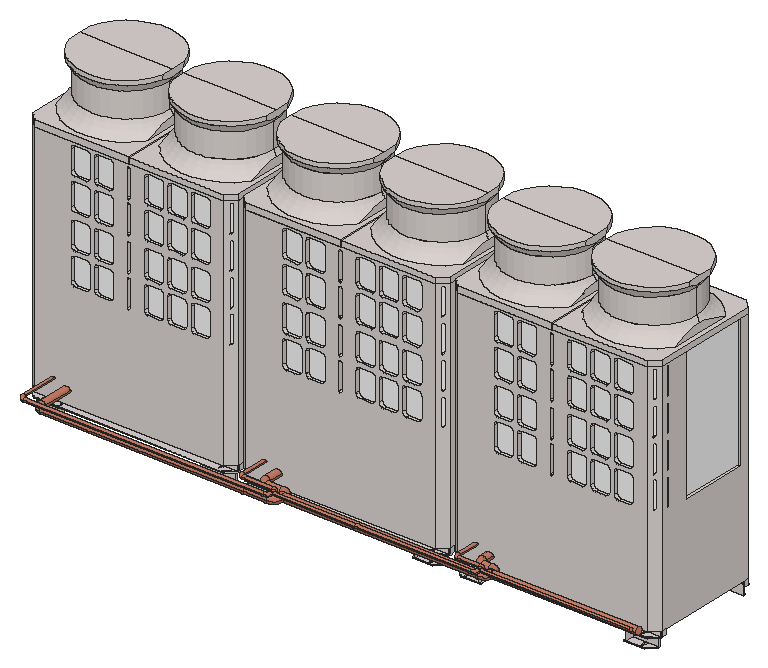
Revit family "PUHY-EP1200YSNW-A1", category 機械設備, Revit 2016
Family settings
  パーツ タイプ = 標準
  丸型コネクタ寸法 = 半径を使用
  OmniClass 番号 = 23.75.00.00
  OmniClass タイトル = Climate Control (HVAC)
  作業面に基づく = いいえ
  常に垂直 = はい
  ロード時にボイドで切り取り = いいえ
  共有 = いいえ
  部屋の計算ポイント = いいえ
Parameters (values of type "PUHY-EP1200YSNW-A1_415V_60Hz")
  Temp. range of cooling (Outdoor temp.) (D.B.) = "-5.0 to 52.0"
  Temp. range of cooling (Indoor temp.) (W.B.) = "15.0 to 24.0"
  Sound Pressure Level (dB(A)) Heating mode = 70.5
  Sound Pressure Level (dB(A)) Cooling mode = 70
  モデル = "PUHY-EP1200YSNW-A1"
  Width = 3780.000 mm
  WarrantyStart = ""
  Voltage = 415 V
  Unit Weight (kg) = 909
  URL = "http://www.mitsubishielectric.com/"
  Temp. range of heating (Outdoor temp.) (W.B.) = "-20.0 to 15.5"
  Temp. range of heating (Indoor temp.) (D.B.) = "15.0 to 27.0"
  TagNumber = 0
  Subcategory = "HVAC"
  Space View = yes
  SerialNumber = 0
  ReplacementYear = ""
  Refrigerant type = "R410A"
  Refrigerant Charge (kg) = 32.4
  Protection Devices_Inverter circuit (COMP./FAN) = "Over-current protection"
  Protection Devices_High pressure (MPa) = "High pressure sensor, High pressure switch at 4.15"
  Phase = 3
  製造元 = "Mitsubishi Electric Corporation"
  Outdoor unit 3 Breaker size (A) = 60
  Outdoor unit 3 = PUHY-EP400YNW-A1 : PUHY-EP400YNW-A1
  Outdoor unit 2 Breaker size (A) = 60
  Outdoor unit 2 = PUHY-EP400YNW-A1 : PUHY-EP400YNW-A1
  Outdoor unit 1 Breaker size (A) = 60
  Outdoor unit 1 = PUHY-EP400YNW-A1 : PUHY-EP400YNW-A1
  Note_1 = "Refrigerant pipe diameters may change depending on the installation condition. Please refer to the installation manual."
  Maximum Circuit Ampacity (A) = 84.6
  Liquid pipe_radius = 9.525 mm
  InstallationDate = ""
  Indoor Unit Total Capacity = "50 to 130% of outdoor unit capacity"
  Indoor Unit Model/Quantity = "P10 to P250/3 to 50"
  Hertz = 60 Hz
  Height = 1858.000 mm
  Heating SCOP (kW/kW) = 4.15
  Heating Rated Load Ampacity (A) = 56.9
  Heating Power Input (kW) = 36.85
  Heating Power Input (Nominal) (kW) = 31.26
  Heating Current Input (Nominal) (A) = 48.3
  Heating Current Input (A) = 56.9
  Heating Capacity (kW) = 150
  Heating Capacity (Nominal) (kW) = 136
  Heating COP (kW/kW) = 4.07
  Heating COP (Nominal) (kW/kW) = 4.35
  Gas pipe_radius = 20.640 mm
  Fan_Type = "Propeller Fan"
  Fan_Quantity = 6
  Fan Motor Output (kW) = 2.76
  External static pressure (Pa) = 0
  External Finish = "Pre-coated galvanized steel sheets (+powder coating for -BS type) <MUNSELL 3Y 7.8/1.1 or similar>"
  Equip_description = ""
  Equip_No. = 0
  Equip_ID = ""
  Description = ""
  Depth = 740.000 mm
  CreatedOn = ""
  CreatedBy = ""
  Cooling SEER (kW/kW) = 6.87
  Cooling Rated Load Ampacity (A) = 59.7
  Cooling Power Input (kW) = 38.63
  Cooling EER (kW/kW) = 3.52
  Cooling Current Input (A) = 59.7
  Cooling Capacity (kW) = 136
  Compressor_Type = "Inverter scroll hermetic compressor"
  Compressor_Quantity = 3
  Compressor_Lubricant = "MEL32"
  Compressor Motor Output (kW) = 29.4
  Category = ""
  Barcode = ""
  AssetIdentifier = ""
  Airflow Rate (m3/min) = 810
  Airflow Rate (m3/h) = 48600
Reference planes
  plane 1 "Center (Front/Back)": y = 0
  plane 2: z = 0
  plane 3 "Center (Left/Right)": x = 0
  plane 4: y = 370
  plane 5 "front": y = -370
  plane 6: x = -1890
  plane 7: x = 1890
  plane 8: x = -620
  plane 9: x = 620
  plane 10: x = -650
  plane 11: x = 650
  plane 12: y = 370
  plane 13: y = -370
  plane 14: z = 1858
  plane 15: x = -1647
  plane 16: x = -1730.603
  plane 17: x = -377
  plane 18: x = -460
  plane 19: x = 893
  plane 20: x = 810
Forms (mm)
  Sweep 1, solid, material "Copper"
    path origin (-51.563, 17.925, 207.255) x (0, -1, 0) y (1, 0, 0)
      loop
        line (380, -1679.039) -> (605, -1679.039)
        arc (605, -1679.039) -> (626.213, -1670.253) -> (635, -1649.039) r 30
        line (635, -1649.039) -> (635, -208.337)
        arc (635, -208.337) -> (629.142, -194.195) -> (615, -188.337) r 20
        line (615, -188.337) -> (590, -188.337)
        arc (590, -188.337) -> (575.858, -194.195) -> (570, -208.337) r 20
        line (570, -208.337) -> (570, -388.437)
        arc (570, -388.437) -> (564.142, -402.579) -> (550, -408.437) r 20
        line (550, -408.437) -> (380, -408.437)
    profile origin (-1730.603, -474.575, 207.255) x (1, 0, 0) y (0, 0, 1)
      loop
        circle (0, 0) r 9.525
  Sweep 2, solid, material "Copper"
    path origin (-48.859, 17.925, 173.255) x (-1, 0, 0) y (0, -1, 0)
      loop
        line (1598.141, 380) -> (1598.141, 575)
        arc (1598.141, 575) -> (1587.889, 599.749) -> (1563.141, 610) r 35
        line (1563.141, 610) -> (342, 610) -> (204.723, 610)
        arc (204.723, 610) -> (179.974, 599.749) -> (169.723, 575) r 35
        line (169.723, 575) -> (169.723, 545)
        arc (169.723, 545) -> (179.974, 520.251) -> (204.723, 510) r 35
        line (204.723, 510) -> (293.141, 510)
        arc (293.141, 510) -> (317.889, 499.749) -> (328.141, 475) r 35
        line (328.141, 475) -> (328.141, 380)
    profile origin (-1647, -459.575, 173.255) x (1, 0, 0) y (0, 0, 1)
      loop
        circle (0, 0) r 20.64
  Sweep 3, solid, material "Copper"
    path origin (214.685, 17.925, 207.255) x (0, -1, 0) y (1, 0, 0)
      loop
        line (605, -448.702) -> (605, 51.298) -> (605, 745.315)
        arc (605, 745.315) -> (599.142, 759.457) -> (585, 765.315) r 20
        line (585, 765.315) -> (560.96, 765.315)
        arc (560.96, 765.315) -> (546.818, 759.457) -> (540.96, 745.315) r 20
        line (540.96, 745.315) -> (540.96, 615.315)
        arc (540.96, 615.315) -> (535.102, 601.172) -> (520.96, 595.315) r 20
        line (520.96, 595.315) -> (380, 595.315)
    profile origin (15.984, -587.075, 207.255) x (0, 1, 0) y (0, 0, 1)
      loop
        circle (0, 0) r 9.525
  Sweep 4, solid, material "Copper"
    path origin (188.125, 17.925, 173.255) x (-1, 0, 0) y (0, -1, 0)
      loop
        line (395.125, 555.96) -> (-784.875, 555.96)
        arc (-784.875, 555.96) -> (-809.623, 545.709) -> (-819.875, 520.96) r 35
        line (-819.875, 520.96) -> (-819.875, 510)
        arc (-819.875, 510) -> (-809.623, 485.251) -> (-784.875, 475) r 35
        line (-784.875, 475) -> (-739.875, 475)
        arc (-739.875, 475) -> (-715.126, 464.749) -> (-704.875, 440) r 35
        line (-704.875, 440) -> (-704.875, 380)
    profile origin (383, -538.035, 173.255) x (0, 1, 0) y (0, 0, 1)
      loop
        circle (0, 0) r 20.64
  Sweep 5, solid, material "Copper"
    path origin (114.685, 17.925, 207.255) x (0, -1, 0) y (1, 0, 0)
      loop
        line (572.806, 870.315) -> (572.806, 1775.315)
    profile origin (1437.5, -554.881, 207.255) x (0, 1, 0) y (0, 0, 1)
      loop
        circle (0, 0) r 9.525
  Sweep 6, solid, material "Copper"
    path origin (88.125, 17.925, 173.255) x (-1, 0, 0) y (0, -1, 0)
      loop
        line (-921.875, 515.995) -> (-1801.875, 515.995)
    profile origin (1450, -498.07, 173.255) x (0, 1, 0) y (0, 0, 1)
      loop
        circle (0, 0) r 20.64
Dimensions and locks
  nested 2 to nested 1 = 30.000 mm
  nested 1 to nested 1 = 1240.000 mm
  nested 2 to nested 2 = 1240.000 mm
  plane 6 to plane 3 "Center (Left/Right)" to plane 7 = 1890.000 mm, 1890.000 mm
  "Liquid pipe_radius": radius of Sweep 5 sketch curve
  "Gas pipe_radius": radius of Sweep 6 sketch curve
  aligned and locked: level to plane 2
Automatic sketch dimensions
  Sweep 1 sketch curve to plane 5 "front" = 7.925 mm  (x2)
  plane 5 "front" to Sweep 1 sketch curve = 162.075 mm
  Sweep 1 sketch curve to plane 3 "Center (Left/Right)" = 259.900 mm
  Sweep 1 sketch curve to Sweep 1 sketch curve = 20.000 mm
  Sweep 1 sketch curve to plane 3 "Center (Left/Right)" = 239.900 mm
  plane 5 "front" to Sweep 1 sketch curve = 217.075 mm
  Sweep 1 sketch curve to Sweep 1 sketch curve = 25.000 mm
  Sweep 1 sketch curve to Sweep 1 sketch curve = 30.000 mm
  Sweep 1 sketch curve to plane 3 "Center (Left/Right)" = 440.000 mm
  profile plane to Sweep 1 sketch curve = 0.000 mm
  Sweep 1 sketch curve to profile plane = 0.000 mm
  Sweep 2 sketch curve to plane 3 "Center (Left/Right)" = 218.582 mm
  Sweep 2 sketch curve to plane 3 "Center (Left/Right)" = 253.582 mm  (x2)
  Sweep 2 sketch curve to plane 3 "Center (Left/Right)" = 342.000 mm
  Sweep 2 sketch curve to plane 3 "Center (Left/Right)" = 390.859 mm
  Sweep 2 sketch curve to Sweep 2 sketch curve = 35.000 mm  (x2)
  plane 5 "front" to Sweep 2 sketch curve = 222.075 mm
  Sweep 2 sketch curve to Sweep 2 sketch curve = 30.000 mm
  Sweep 2 sketch curve to plane 5 "front" = 7.925 mm  (x2)
  profile plane to Sweep 2 sketch curve = 0.000 mm
  Sweep 2 sketch curve to profile plane = 0.000 mm
  Sweep 3 sketch curve to profile plane = 0.000 mm  (x2)
  Sweep 4 sketch curve to profile plane = 0.000 mm  (x2)
  Sweep 1 sketch curve to Sweep 1 sketch curve = 1240.603 mm
  Sweep 2 sketch curve to Sweep 2 sketch curve = 1235.000 mm
  Sweep 3 sketch curve to plane 20 = 0.000 mm
  Sweep 3 sketch curve to plane 5 "front" = 7.925 mm
  plane 20 to Sweep 3 sketch curve = 20.000 mm
  plane 5 "front" to Sweep 3 sketch curve = 133.035 mm
  Sweep 3 sketch curve to Sweep 3 sketch curve = 20.000 mm
  Sweep 3 sketch curve to Sweep 3 sketch curve = 24.040 mm
  plane 5 "front" to Sweep 3 sketch curve = 217.075 mm
  plane 3 "Center (Left/Right)" to Sweep 3 sketch curve = 265.984 mm
  plane 17 to Sweep 3 sketch curve = 142.984 mm
  plane 19 to Sweep 3 sketch curve = 67.000 mm
  Sweep 4 sketch curve to plane 19 = 0.000 mm
  plane 19 to Sweep 4 sketch curve = 35.000 mm
  Sweep 4 sketch curve to Sweep 4 sketch curve = 45.000 mm
  Sweep 4 sketch curve to Sweep 4 sketch curve = 0.000 mm
  Sweep 4 sketch curve to Sweep 4 sketch curve = 35.000 mm
  plane 17 to Sweep 4 sketch curve = 170.000 mm
  Sweep 4 sketch curve to plane 5 "front" = 7.925 mm
  plane 5 "front" to Sweep 4 sketch curve = 52.075 mm
  Sweep 4 sketch curve to Sweep 4 sketch curve = 10.960 mm
  Sweep 6 sketch curve to plane 7 = 0.000 mm
  plane 19 to Sweep 6 sketch curve = 117.000 mm
  plane 5 "front" to Sweep 6 sketch curve = 128.070 mm
  Sweep 5 sketch curve to plane 7 = 0.000 mm
  plane 5 "front" to Sweep 5 sketch curve = 184.881 mm
  plane 19 to Sweep 5 sketch curve = 92.000 mm
  Sweep 5 sketch curve to profile plane = 0.000 mm  (x2)
  Sweep 6 sketch curve to profile plane = 0.000 mm  (x2)
  radius of Sweep 1 sketch curve = 9.525 mm
  radius of Sweep 2 sketch curve = 20.640 mm
  radius of Sweep 3 sketch curve = 9.525 mm
  radius of Sweep 4 sketch curve = 20.640 mm
Nested families
  nested 1: "PUHY-EP400YNW-A1" at (0, 0, 0), type <- "Outdoor unit 2", type "PUHY-EP400YNW-A1"
  nested 2: "PUHY-EP400YNW-A1" at (-1270, 0, 0), type <- "Outdoor unit 1", type "PUHY-EP400YNW-A1"
  nested 3: "PUHY-EP400YNW-A1" at (1270, 0, 0), type <- "Outdoor unit 3", type "PUHY-EP400YNW-A1"
Connectors
  piping at (1890, -498.07, 173.255), diameter 41.28, driven by "Gas pipe_radius"
    settings: on Sweep 6, index 1, connector inside diameter 41.28 mm, connector length 0.000 mm, flow factor 0, pipe flow 0.0 L/s, pressure drop 0.0 Pa, fitting loss kfactor 0, connector angle 0.00°, fixture units 0, engagement length 0.000 mm, angle of deflection 0.00°, flow configuration 0, flow direction 0, fitting loss method 0, system type 22, joint type 0, gender type 0, connector reference index -1, connector utility 0, adjustable connector no, is connector primary yes, connector description "Indoor unit-Twinning pipe(Gas)"
  piping at (1890, -554.881, 207.255), diameter 19.05, driven by "Liquid pipe_radius"
    settings: on Sweep 5, index 2, connector inside diameter 19.05 mm, connector length 0.000 mm, flow factor 0, pipe flow 0.0 L/s, pressure drop 0.0 Pa, fitting loss kfactor 0, connector angle 0.00°, fixture units 0, engagement length 0.000 mm, angle of deflection 0.00°, flow configuration 0, flow direction 0, fitting loss method 0, system type 22, joint type 0, gender type 0, connector reference index -1, connector utility 0, adjustable connector no, is connector primary no, connector description "Indoor unit-Twinning pipe(Liquid)"
  electrical at (992, -370, 279), driven by "Phase", driven by "Voltage"
    settings: index 3, voltage 415 V, apparent load 0 VA, apparent load phase1 0 VA, apparent load phase2 0 VA, apparent load phase3 0 VA, power factor 1, load classification "HVAC", number of poles 3, system type 30, power factor state 1, is connector primary yes, connector utility no, sub classification motor no, connector description ""
  electrical at (-258, -370, 279), driven by "Phase", driven by "Voltage"
    settings: index 4, voltage 415 V, apparent load 0 VA, apparent load phase1 0 VA, apparent load phase2 0 VA, apparent load phase3 0 VA, power factor 1, load classification "HVAC", number of poles 3, system type 30, power factor state 1, is connector primary no, connector utility no, sub classification motor no, connector description ""
  electrical at (-1508, -370, 279), driven by "Phase", driven by "Voltage"
    settings: index 5, voltage 415 V, apparent load 0 VA, apparent load phase1 0 VA, apparent load phase2 0 VA, apparent load phase3 0 VA, power factor 1, load classification "HVAC", number of poles 3, system type 30, power factor state 1, is connector primary no, connector utility no, sub classification motor no, connector description ""
Definition of nested family "PUHY-EP400YNW-A1"
  Parameters
    Model = "PUHY-P400YNW-A"
    URL = "http://www.mitsubishielectric.com/"
    Manufacturer = "Mitsubishi Electric Corporation"
    Liquid pipe_radius = 12.700 mm
    Gas pipe_radius = 14.290 mm
  Reference planes
    plane 1 "Center (Front/Back)": y = 0
    plane 2: z = 0
    plane 3 "Center (Left/Right)": x = 0
    plane 4: y = 370
    plane 5: z = 1858
    plane 6: y = -260
    plane 7: y = -204
    plane 8: y = -185
    plane 9: x = -620
    plane 10: x = 620
    plane 11: x = -620
    plane 12: z = 716
    plane 13: x = -524
    plane 14: z = 669
    plane 15: x = -50.5
    plane 16: x = 51
    plane 17: x = 489
    plane 18: x = 467
    plane 19 "132": x = 488
    plane 20 "100": z = 160
    plane 21: z = 185
    plane 22: x = 413
    plane 23: x = 364
    plane 24: z = 150
    plane 25: x = -287.25
    plane 26: x = -137.25
    plane 27: x = -272.25
    plane 28: y = -278
    plane 29: z = 1509
    plane 30: y = -370
    plane 31: x = -530
    plane 32: x = 530
    plane 33 "179": y = -191
  Forms (mm)
    Extrusion 1, solid
      sketch origin (-1, 0, 113) x (-1, 0, 0) y (0, -1, 0)
        loop
          line (569, -370) -> (619, -320) -> (619, 320) -> (569, 370) -> (-571, 370) -> (-621, 320) -> (-621, -320) -> (-571, -370) -> (569, -370)
      from -18 to 1408
    Extrusion 2, void
      sketch origin (524, -370, 113) x (1, 0, 0) y (0, 0, -1)
        loop
          arc (-60.8, -1393.5) -> (-42.557, -1385.943) -> (-35, -1367.7) r 25.8
          line (-35, -1367.7) -> (-35, -1248.5)
          arc (-35, -1248.5) -> (-42.557, -1230.257) -> (-60.8, -1222.7) r 25.8
          line (-60.8, -1222.7) -> (-126, -1222.7)
          arc (-126, -1222.7) -> (-144.243, -1230.257) -> (-151.8, -1248.5) r 25.8
          line (-151.8, -1248.5) -> (-151.8, -1367.7)
          arc (-151.8, -1367.7) -> (-144.243, -1385.943) -> (-126, -1393.5) r 25.8
          line (-126, -1393.5) -> (-60.8, -1393.5)
      from 0 to 20
    Extrusion 3, void
      sketch origin (524, -370, -81) x (1, 0, 0) y (0, 0, -1)
        loop
          arc (-60.8, -1393.5) -> (-42.557, -1385.943) -> (-35, -1367.7) r 25.8
          line (-35, -1367.7) -> (-35, -1248.5)
          arc (-35, -1248.5) -> (-42.557, -1230.257) -> (-60.8, -1222.7) r 25.8
          line (-60.8, -1222.7) -> (-126, -1222.7)
          arc (-126, -1222.7) -> (-144.243, -1230.257) -> (-151.8, -1248.5) r 25.8
          line (-151.8, -1248.5) -> (-151.8, -1367.7)
          arc (-151.8, -1367.7) -> (-144.243, -1385.943) -> (-126, -1393.5) r 25.8
          line (-126, -1393.5) -> (-60.8, -1393.5)
      from 0 to 20
    Extrusion 4, void
      sketch origin (524, -370, -287) x (1, 0, 0) y (0, 0, -1)
        loop
          arc (-60.8, -1393.5) -> (-42.557, -1385.943) -> (-35, -1367.7) r 25.8
          line (-35, -1367.7) -> (-35, -1248.5)
          arc (-35, -1248.5) -> (-42.557, -1230.257) -> (-60.8, -1222.7) r 25.8
          line (-60.8, -1222.7) -> (-126, -1222.7)
          arc (-126, -1222.7) -> (-144.243, -1230.257) -> (-151.8, -1248.5) r 25.8
          line (-151.8, -1248.5) -> (-151.8, -1367.7)
          arc (-151.8, -1367.7) -> (-144.243, -1385.943) -> (-126, -1393.5) r 25.8
          line (-126, -1393.5) -> (-60.8, -1393.5)
      from 0 to 20
    Extrusion 5, void
      sketch origin (524, -370, -481) x (1, 0, 0) y (0, 0, -1)
        loop
          arc (-60.8, -1393.5) -> (-42.557, -1385.943) -> (-35, -1367.7) r 25.8
          line (-35, -1367.7) -> (-35, -1248.5)
          arc (-35, -1248.5) -> (-42.557, -1230.257) -> (-60.8, -1222.7) r 25.8
          line (-60.8, -1222.7) -> (-126, -1222.7)
          arc (-126, -1222.7) -> (-144.243, -1230.257) -> (-151.8, -1248.5) r 25.8
          line (-151.8, -1248.5) -> (-151.8, -1367.7)
          arc (-151.8, -1367.7) -> (-144.243, -1385.943) -> (-126, -1393.5) r 25.8
          line (-126, -1393.5) -> (-60.8, -1393.5)
      from 0 to 20
    Extrusion 6, void
      sketch origin (384, -370, 113) x (1, 0, 0) y (0, 0, -1)
        loop
          arc (-60.8, -1393.5) -> (-42.557, -1385.943) -> (-35, -1367.7) r 25.8
          line (-35, -1367.7) -> (-35, -1248.5)
          arc (-35, -1248.5) -> (-42.557, -1230.257) -> (-60.8, -1222.7) r 25.8
          line (-60.8, -1222.7) -> (-126, -1222.7)
          arc (-126, -1222.7) -> (-144.243, -1230.257) -> (-151.8, -1248.5) r 25.8
          line (-151.8, -1248.5) -> (-151.8, -1367.7)
          arc (-151.8, -1367.7) -> (-144.243, -1385.943) -> (-126, -1393.5) r 25.8
          line (-126, -1393.5) -> (-60.8, -1393.5)
      from 0 to 20
    Extrusion 7, void
      sketch origin (384, -370, -81) x (1, 0, 0) y (0, 0, -1)
        loop
          arc (-60.8, -1393.5) -> (-42.557, -1385.943) -> (-35, -1367.7) r 25.8
          line (-35, -1367.7) -> (-35, -1248.5)
          arc (-35, -1248.5) -> (-42.557, -1230.257) -> (-60.8, -1222.7) r 25.8
          line (-60.8, -1222.7) -> (-126, -1222.7)
          arc (-126, -1222.7) -> (-144.243, -1230.257) -> (-151.8, -1248.5) r 25.8
          line (-151.8, -1248.5) -> (-151.8, -1367.7)
          arc (-151.8, -1367.7) -> (-144.243, -1385.943) -> (-126, -1393.5) r 25.8
          line (-126, -1393.5) -> (-60.8, -1393.5)
      from 0 to 20
    Extrusion 8, void
      sketch origin (384, -370, -287) x (1, 0, 0) y (0, 0, -1)
        loop
          arc (-60.8, -1393.5) -> (-42.557, -1385.943) -> (-35, -1367.7) r 25.8
          line (-35, -1367.7) -> (-35, -1248.5)
          arc (-35, -1248.5) -> (-42.557, -1230.257) -> (-60.8, -1222.7) r 25.8
          line (-60.8, -1222.7) -> (-126, -1222.7)
          arc (-126, -1222.7) -> (-144.243, -1230.257) -> (-151.8, -1248.5) r 25.8
          line (-151.8, -1248.5) -> (-151.8, -1367.7)
          arc (-151.8, -1367.7) -> (-144.243, -1385.943) -> (-126, -1393.5) r 25.8
          line (-126, -1393.5) -> (-60.8, -1393.5)
      from 0 to 20
    Extrusion 9, void
      sketch origin (384, -370, -481) x (1, 0, 0) y (0, 0, -1)
        loop
          arc (-60.8, -1393.5) -> (-42.557, -1385.943) -> (-35, -1367.7) r 25.8
          line (-35, -1367.7) -> (-35, -1248.5)
          arc (-35, -1248.5) -> (-42.557, -1230.257) -> (-60.8, -1222.7) r 25.8
          line (-60.8, -1222.7) -> (-126, -1222.7)
          arc (-126, -1222.7) -> (-144.243, -1230.257) -> (-151.8, -1248.5) r 25.8
          line (-151.8, -1248.5) -> (-151.8, -1367.7)
          arc (-151.8, -1367.7) -> (-144.243, -1385.943) -> (-126, -1393.5) r 25.8
          line (-126, -1393.5) -> (-60.8, -1393.5)
      from 0 to 20
    Extrusion 10, void
      sketch origin (244, -370, 113) x (1, 0, 0) y (0, 0, -1)
        loop
          arc (-60.8, -1393.5) -> (-42.557, -1385.943) -> (-35, -1367.7) r 25.8
          line (-35, -1367.7) -> (-35, -1248.5)
          arc (-35, -1248.5) -> (-42.557, -1230.257) -> (-60.8, -1222.7) r 25.8
          line (-60.8, -1222.7) -> (-126, -1222.7)
          arc (-126, -1222.7) -> (-144.243, -1230.257) -> (-151.8, -1248.5) r 25.8
          line (-151.8, -1248.5) -> (-151.8, -1367.7)
          arc (-151.8, -1367.7) -> (-144.243, -1385.943) -> (-126, -1393.5) r 25.8
          line (-126, -1393.5) -> (-60.8, -1393.5)
      from 0 to 20
    Extrusion 11, void
      sketch origin (244, -370, -81) x (1, 0, 0) y (0, 0, -1)
        loop
          arc (-60.8, -1393.5) -> (-42.557, -1385.943) -> (-35, -1367.7) r 25.8
          line (-35, -1367.7) -> (-35, -1248.5)
          arc (-35, -1248.5) -> (-42.557, -1230.257) -> (-60.8, -1222.7) r 25.8
          line (-60.8, -1222.7) -> (-126, -1222.7)
          arc (-126, -1222.7) -> (-144.243, -1230.257) -> (-151.8, -1248.5) r 25.8
          line (-151.8, -1248.5) -> (-151.8, -1367.7)
          arc (-151.8, -1367.7) -> (-144.243, -1385.943) -> (-126, -1393.5) r 25.8
          line (-126, -1393.5) -> (-60.8, -1393.5)
      from 0 to 20
    Extrusion 12, void
      sketch origin (244, -370, -287) x (1, 0, 0) y (0, 0, -1)
        loop
          arc (-60.8, -1393.5) -> (-42.557, -1385.943) -> (-35, -1367.7) r 25.8
          line (-35, -1367.7) -> (-35, -1248.5)
          arc (-35, -1248.5) -> (-42.557, -1230.257) -> (-60.8, -1222.7) r 25.8
          line (-60.8, -1222.7) -> (-126, -1222.7)
          arc (-126, -1222.7) -> (-144.243, -1230.257) -> (-151.8, -1248.5) r 25.8
          line (-151.8, -1248.5) -> (-151.8, -1367.7)
          arc (-151.8, -1367.7) -> (-144.243, -1385.943) -> (-126, -1393.5) r 25.8
          line (-126, -1393.5) -> (-60.8, -1393.5)
      from 0 to 20
    Extrusion 13, void
      sketch origin (244, -370, -481) x (1, 0, 0) y (0, 0, -1)
        loop
          arc (-60.8, -1393.5) -> (-42.557, -1385.943) -> (-35, -1367.7) r 25.8
          line (-35, -1367.7) -> (-35, -1248.5)
          arc (-35, -1248.5) -> (-42.557, -1230.257) -> (-60.8, -1222.7) r 25.8
          line (-60.8, -1222.7) -> (-126, -1222.7)
          arc (-126, -1222.7) -> (-144.243, -1230.257) -> (-151.8, -1248.5) r 25.8
          line (-151.8, -1248.5) -> (-151.8, -1367.7)
          arc (-151.8, -1367.7) -> (-144.243, -1385.943) -> (-126, -1393.5) r 25.8
          line (-126, -1393.5) -> (-60.8, -1393.5)
      from 0 to 20
    Extrusion 14, void
      sketch origin (-56, -370, 113) x (1, 0, 0) y (0, 0, -1)
        loop
          arc (-60.8, -1393.5) -> (-42.557, -1385.943) -> (-35, -1367.7) r 25.8
          line (-35, -1367.7) -> (-35, -1248.5)
          arc (-35, -1248.5) -> (-42.557, -1230.257) -> (-60.8, -1222.7) r 25.8
          line (-60.8, -1222.7) -> (-126, -1222.7)
          arc (-126, -1222.7) -> (-144.243, -1230.257) -> (-151.8, -1248.5) r 25.8
          line (-151.8, -1248.5) -> (-151.8, -1367.7)
          arc (-151.8, -1367.7) -> (-144.243, -1385.943) -> (-126, -1393.5) r 25.8
          line (-126, -1393.5) -> (-60.8, -1393.5)
      from 0 to 20
    Extrusion 15, void
      sketch origin (-56, -370, -81) x (1, 0, 0) y (0, 0, -1)
        loop
          arc (-60.8, -1393.5) -> (-42.557, -1385.943) -> (-35, -1367.7) r 25.8
          line (-35, -1367.7) -> (-35, -1248.5)
          arc (-35, -1248.5) -> (-42.557, -1230.257) -> (-60.8, -1222.7) r 25.8
          line (-60.8, -1222.7) -> (-126, -1222.7)
          arc (-126, -1222.7) -> (-144.243, -1230.257) -> (-151.8, -1248.5) r 25.8
          line (-151.8, -1248.5) -> (-151.8, -1367.7)
          arc (-151.8, -1367.7) -> (-144.243, -1385.943) -> (-126, -1393.5) r 25.8
          line (-126, -1393.5) -> (-60.8, -1393.5)
      from 0 to 20
    Extrusion 16, void
      sketch origin (-56, -370, -287) x (1, 0, 0) y (0, 0, -1)
        loop
          arc (-60.8, -1393.5) -> (-42.557, -1385.943) -> (-35, -1367.7) r 25.8
          line (-35, -1367.7) -> (-35, -1248.5)
          arc (-35, -1248.5) -> (-42.557, -1230.257) -> (-60.8, -1222.7) r 25.8
          line (-60.8, -1222.7) -> (-126, -1222.7)
          arc (-126, -1222.7) -> (-144.243, -1230.257) -> (-151.8, -1248.5) r 25.8
          line (-151.8, -1248.5) -> (-151.8, -1367.7)
          arc (-151.8, -1367.7) -> (-144.243, -1385.943) -> (-126, -1393.5) r 25.8
          line (-126, -1393.5) -> (-60.8, -1393.5)
      from 0 to 20
    Extrusion 17, void
      sketch origin (-56, -370, -481) x (1, 0, 0) y (0, 0, -1)
        loop
          arc (-60.8, -1393.5) -> (-42.557, -1385.943) -> (-35, -1367.7) r 25.8
          line (-35, -1367.7) -> (-35, -1248.5)
          arc (-35, -1248.5) -> (-42.557, -1230.257) -> (-60.8, -1222.7) r 25.8
          line (-60.8, -1222.7) -> (-126, -1222.7)
          arc (-126, -1222.7) -> (-144.243, -1230.257) -> (-151.8, -1248.5) r 25.8
          line (-151.8, -1248.5) -> (-151.8, -1367.7)
          arc (-151.8, -1367.7) -> (-144.243, -1385.943) -> (-126, -1393.5) r 25.8
          line (-126, -1393.5) -> (-60.8, -1393.5)
      from 0 to 20
    Extrusion 18, void
      sketch origin (-196, -370, 113) x (1, 0, 0) y (0, 0, -1)
        loop
          arc (-60.8, -1393.5) -> (-42.557, -1385.943) -> (-35, -1367.7) r 25.8
          line (-35, -1367.7) -> (-35, -1248.5)
          arc (-35, -1248.5) -> (-42.557, -1230.257) -> (-60.8, -1222.7) r 25.8
          line (-60.8, -1222.7) -> (-126, -1222.7)
          arc (-126, -1222.7) -> (-144.243, -1230.257) -> (-151.8, -1248.5) r 25.8
          line (-151.8, -1248.5) -> (-151.8, -1367.7)
          arc (-151.8, -1367.7) -> (-144.243, -1385.943) -> (-126, -1393.5) r 25.8
          line (-126, -1393.5) -> (-60.8, -1393.5)
      from 0 to 20
    Extrusion 19, void
      sketch origin (-196, -370, -81) x (1, 0, 0) y (0, 0, -1)
        loop
          arc (-60.8, -1393.5) -> (-42.557, -1385.943) -> (-35, -1367.7) r 25.8
          line (-35, -1367.7) -> (-35, -1248.5)
          arc (-35, -1248.5) -> (-42.557, -1230.257) -> (-60.8, -1222.7) r 25.8
          line (-60.8, -1222.7) -> (-126, -1222.7)
          arc (-126, -1222.7) -> (-144.243, -1230.257) -> (-151.8, -1248.5) r 25.8
          line (-151.8, -1248.5) -> (-151.8, -1367.7)
          arc (-151.8, -1367.7) -> (-144.243, -1385.943) -> (-126, -1393.5) r 25.8
          line (-126, -1393.5) -> (-60.8, -1393.5)
      from 0 to 20
    Extrusion 20, void
      sketch origin (-196, -370, -287) x (1, 0, 0) y (0, 0, -1)
        loop
          arc (-60.8, -1393.5) -> (-42.557, -1385.943) -> (-35, -1367.7) r 25.8
          line (-35, -1367.7) -> (-35, -1248.5)
          arc (-35, -1248.5) -> (-42.557, -1230.257) -> (-60.8, -1222.7) r 25.8
          line (-60.8, -1222.7) -> (-126, -1222.7)
          arc (-126, -1222.7) -> (-144.243, -1230.257) -> (-151.8, -1248.5) r 25.8
          line (-151.8, -1248.5) -> (-151.8, -1367.7)
          arc (-151.8, -1367.7) -> (-144.243, -1385.943) -> (-126, -1393.5) r 25.8
          line (-126, -1393.5) -> (-60.8, -1393.5)
      from 0 to 20
    Extrusion 21, void
      sketch origin (-196, -370, -481) x (1, 0, 0) y (0, 0, -1)
        loop
          arc (-60.8, -1393.5) -> (-42.557, -1385.943) -> (-35, -1367.7) r 25.8
          line (-35, -1367.7) -> (-35, -1248.5)
          arc (-35, -1248.5) -> (-42.557, -1230.257) -> (-60.8, -1222.7) r 25.8
          line (-60.8, -1222.7) -> (-126, -1222.7)
          arc (-126, -1222.7) -> (-144.243, -1230.257) -> (-151.8, -1248.5) r 25.8
          line (-151.8, -1248.5) -> (-151.8, -1367.7)
          arc (-151.8, -1367.7) -> (-144.243, -1385.943) -> (-126, -1393.5) r 25.8
          line (-126, -1393.5) -> (-60.8, -1393.5)
      from 0 to 20
    Extrusion 22, void
      sketch origin (620, 320, 113) x (0, 1, 0) y (0, 0, -1)
        loop
          line (-462.3, -1408) -> (-50.8, -1408) -> (-50.8, -612) -> (-462.3, -612) -> (-462.3, -1408)
      from 0 to 20
    Extrusion 23, void
      sketch origin (-620, -320, 113) x (0, -1, 0) y (0, 0, -1)
        loop
          line (-535.7, -1408) -> (-207.7, -1408) -> (-207.7, -592) -> (-535.7, -592) -> (-535.7, -1408)
      from 0 to 20
    Extrusion 24, void
      sketch origin (194.892, 370, 113) x (-1, 0, 0) y (0, 0, -1)
        loop
          arc (204.892, -1225.013) -> (194.892, -1215.013) -> (184.892, -1225.013) r 10
          line (184.892, -1225.013) -> (184.892, -1379.987)
          arc (184.892, -1379.987) -> (194.892, -1389.987) -> (204.892, -1379.987) r 10
          line (204.892, -1379.987) -> (204.892, -1225.013)
        loop
          arc (204.892, -1031.013) -> (194.892, -1021.013) -> (184.892, -1031.013) r 10
          line (184.892, -1031.013) -> (184.892, -1185.987)
          arc (184.892, -1185.987) -> (194.892, -1195.987) -> (204.892, -1185.987) r 10
          line (204.892, -1185.987) -> (204.892, -1031.013)
        loop
          arc (204.892, -825.013) -> (194.892, -815.013) -> (184.892, -825.013) r 10
          line (184.892, -825.013) -> (184.892, -979.987)
          arc (184.892, -979.987) -> (194.892, -989.987) -> (204.892, -979.987) r 10
          line (204.892, -979.987) -> (204.892, -825.013)
        loop
          arc (204.892, -631.013) -> (194.892, -621.013) -> (184.892, -631.013) r 10
          line (184.892, -631.013) -> (184.892, -785.987)
          arc (184.892, -785.987) -> (194.892, -795.987) -> (204.892, -785.987) r 10
          line (204.892, -785.987) -> (204.892, -631.013)
      from 0 to 20
    Extrusion 25, void
      sketch origin (-570, 370, 113) x (0.707107, 0.707107, 0) y (0, 0, 1)
        loop
          arc (-45.355, 1236) -> (-35.355, 1226) -> (-25.355, 1236) r 10
          line (-25.355, 1236) -> (-25.355, 1386)
          arc (-25.355, 1386) -> (-35.355, 1396) -> (-45.355, 1386) r 10
          line (-45.355, 1386) -> (-45.355, 1236)
        loop
          arc (-45.355, 1036) -> (-35.355, 1026) -> (-25.355, 1036) r 10
          line (-25.355, 1036) -> (-25.355, 1186)
          arc (-25.355, 1186) -> (-35.355, 1196) -> (-45.355, 1186) r 10
          line (-45.355, 1186) -> (-45.355, 1036)
        loop
          arc (-45.355, 836) -> (-35.355, 826) -> (-25.355, 836) r 10
          line (-25.355, 836) -> (-25.355, 986)
          arc (-25.355, 986) -> (-35.355, 996) -> (-45.355, 986) r 10
          line (-45.355, 986) -> (-45.355, 836)
        loop
          arc (-45.355, 641) -> (-35.355, 631) -> (-25.355, 641) r 10
          line (-25.355, 641) -> (-25.355, 791)
          arc (-25.355, 791) -> (-35.355, 801) -> (-45.355, 791) r 10
          line (-45.355, 791) -> (-45.355, 641)
      from 0 to 20
    Extrusion 26, void
      sketch origin (-620, -320, 113) x (0, -1, 0) y (0, 0, -1)
        loop
          line (-607.846, -1035.895) -> (-607.846, -1186.105)
          arc (-607.846, -1186.105) -> (-597.846, -1196.105) -> (-587.846, -1186.105) r 10
          line (-587.846, -1186.105) -> (-587.846, -1035.895)
          arc (-587.846, -1035.895) -> (-597.846, -1025.895) -> (-607.846, -1035.895) r 10
        loop
          line (-607.846, -835.895) -> (-607.846, -986.105)
          arc (-607.846, -986.105) -> (-597.846, -996.105) -> (-587.846, -986.105) r 10
          line (-587.846, -986.105) -> (-587.846, -835.895)
          arc (-587.846, -835.895) -> (-597.846, -825.895) -> (-607.846, -835.895) r 10
        loop
          line (-607.846, -1235.895) -> (-607.846, -1386.105)
          arc (-607.846, -1386.105) -> (-597.846, -1396.105) -> (-587.846, -1386.105) r 10
          line (-587.846, -1386.105) -> (-587.846, -1235.895)
          arc (-587.846, -1235.895) -> (-597.846, -1225.895) -> (-607.846, -1235.895) r 10
        loop
          line (-607.846, -635.895) -> (-607.846, -786.105)
          arc (-607.846, -786.105) -> (-597.846, -796.105) -> (-587.846, -786.105) r 10
          line (-587.846, -786.105) -> (-587.846, -635.895)
          arc (-587.846, -635.895) -> (-597.846, -625.895) -> (-607.846, -635.895) r 10
      from 0 to 20
    Extrusion 27, void
      sketch origin (1079, -370, 113) x (1, 0, 0) y (0, 0, -1)
        loop
          arc (-1089, -1379.975) -> (-1079, -1389.975) -> (-1069, -1379.975) r 10
          line (-1069, -1379.975) -> (-1069, -1225)
          arc (-1069, -1225) -> (-1079, -1215) -> (-1089, -1225) r 10
          line (-1089, -1225) -> (-1089, -1379.975)
        loop
          arc (-1089, -1185.975) -> (-1079, -1195.975) -> (-1069, -1185.975) r 10
          line (-1069, -1185.975) -> (-1069, -1031)
          arc (-1069, -1031) -> (-1079, -1021) -> (-1089, -1031) r 10
          line (-1089, -1031) -> (-1089, -1185.975)
        loop
          arc (-1089, -979.975) -> (-1079, -989.975) -> (-1069, -979.975) r 10
          line (-1069, -979.975) -> (-1069, -825)
          arc (-1069, -825) -> (-1079, -815) -> (-1089, -825) r 10
          line (-1089, -825) -> (-1089, -979.975)
        loop
          arc (-1089, -785.975) -> (-1079, -795.975) -> (-1069, -785.975) r 10
          line (-1069, -785.975) -> (-1069, -631)
          arc (-1069, -631) -> (-1079, -621) -> (-1089, -631) r 10
          line (-1089, -631) -> (-1089, -785.975)
      from 0 to 20
    Extrusion 28, void
      sketch origin (-571, 370, 113) x (-1, 0, 0) y (0, 0, -1)
        loop
          line (-519.5, -1408) -> (-48, -1408) -> (-48, -556) -> (-519.5, -556) -> (-519.5, -1408)
      from 0 to 20
    Extrusion 29, void
      sketch origin (-571, 370, 113) x (-1, 0, 0) y (0, 0, -1)
        loop
          line (-1038, -1408) -> (-622, -1408) -> (-622, -556) -> (-1038, -556) -> (-1038, -1408)
      from 0 to 20
    Extrusion 30, void
      sketch origin (620, 320, 113) x (0, 1, 0) y (0, 0, -1)
        loop
          arc (-588, -1035.791) -> (-598, -1025.791) -> (-608, -1035.791) r 10
          line (-608, -1035.791) -> (-608, -1186)
          arc (-608, -1186) -> (-598, -1196) -> (-588, -1186) r 10
          line (-588, -1186) -> (-588, -1035.791)
        loop
          arc (-588, -835.791) -> (-598, -825.791) -> (-608, -835.791) r 10
          line (-608, -835.791) -> (-608, -986)
          arc (-608, -986) -> (-598, -996) -> (-588, -986) r 10
          line (-588, -986) -> (-588, -835.791)
        loop
          arc (-588, -1235.791) -> (-598, -1225.791) -> (-608, -1235.791) r 10
          line (-608, -1235.791) -> (-608, -1386)
          arc (-608, -1386) -> (-598, -1396) -> (-588, -1386) r 10
          line (-588, -1386) -> (-588, -1235.791)
        loop
          arc (-588, -635.791) -> (-598, -625.791) -> (-608, -635.791) r 10
          line (-608, -635.791) -> (-608, -786)
          arc (-608, -786) -> (-598, -796) -> (-588, -786) r 10
          line (-588, -786) -> (-588, -635.791)
      from 0 to 20
    Extrusion 31, void
      sketch origin (1291.751, 351.751, 113) x (0.707107, 0.707107, 0) y (0, 0, -1)
        loop
          line (-995.311, -1236) -> (-995.311, -1386)
          arc (-995.311, -1386) -> (-985.311, -1396) -> (-975.311, -1386) r 10
          line (-975.311, -1386) -> (-975.311, -1236)
          arc (-975.311, -1236) -> (-985.311, -1226) -> (-995.311, -1236) r 10
        loop
          line (-995.311, -1036) -> (-995.311, -1186)
          arc (-995.311, -1186) -> (-985.311, -1196) -> (-975.311, -1186) r 10
          line (-975.311, -1186) -> (-975.311, -1036)
          arc (-975.311, -1036) -> (-985.311, -1026) -> (-995.311, -1036) r 10
        loop
          line (-995.311, -836) -> (-995.311, -986)
          arc (-995.311, -986) -> (-985.311, -996) -> (-975.311, -986) r 10
          line (-975.311, -986) -> (-975.311, -836)
          arc (-975.311, -836) -> (-985.311, -826) -> (-995.311, -836) r 10
        loop
          line (-995.311, -641) -> (-995.311, -791)
          arc (-995.311, -791) -> (-985.311, -801) -> (-975.311, -791) r 10
          line (-975.311, -791) -> (-975.311, -641)
          arc (-975.311, -641) -> (-985.311, -631) -> (-995.311, -641) r 10
      from 0 to 20
    Extrusion 32, void
      sketch origin (0, -191, 0) x (-1, 0, 0) y (0, 0, 1)
        loop
          circle (460, 176) r 6.35
      from 0 to 78.7
    Extrusion 33, void
      sketch origin (0, -191, 0) x (-1, 0, 0) y (0, 0, 1)
        loop
          circle (377, 176) r 14.29
      from 0 to 78.7
  Cuts and joins
    Extrusion 2, Extrusion 3, Extrusion 4, Extrusion 5, Extrusion 6, Extrusion 7, Extrusion 8, Extrusion 9, Extrusion 10, Extrusion 11, Extrusion 12, Extrusion 13, Extrusion 14, Extrusion 15, Extrusion 16, Extrusion 17, Extrusion 18, Extrusion 19, Extrusion 20, Extrusion 21, Extrusion 22, Extrusion 23, Extrusion 24, Extrusion 25, Extrusion 26, Extrusion 27, Extrusion 28, Extrusion 29, Extrusion 30, Extrusion 31, Extrusion 32, Extrusion 33 cuts Extrusion 1
  Lines and regions (mm)
    model lines
      curve 1: line (-351, -291, 95) -> (-481, -291, 95)
      curve 2: line (-342, -206, 95) -> (-342, -282, 95)
      curve 3: line (-481, -197, 95) -> (-351, -197, 95)
      curve 4: line (-492, -280, 95) -> (-492, -208, 95)
      curve 5: arc (-492, -280, 95) -> (-488.778, -287.778, 95) -> (-481, -291, 95) r 11
      curve 6: arc (-351, -291, 95) -> (-344.636, -288.364, 95) -> (-342, -282, 95) r 9
      curve 7: arc (-342, -206, 95) -> (-344.636, -199.636, 95) -> (-351, -197, 95) r 9
      curve 8: arc (-481, -197, 95) -> (-488.778, -200.222, 95) -> (-492, -208, 95) r 11
      curve 9: line (-30, -370, 1521) -> (-30, -370, 95)
      curve 10: line (30, -370, 1521) -> (30, -370, 95)
      curve 11: line (-485, -370, 215) -> (-357, -370, 215)
      curve 12: line (-495, -370, 141) -> (-495, -370, 205)
      curve 13: line (-357, -370, 131) -> (-485, -370, 131)
      curve 14: line (-347, -370, 205) -> (-347, -370, 141)
      curve 15: arc (-485, -370, 215) -> (-492.071, -370, 212.071) -> (-495, -370, 205) r 10
      curve 16: arc (-495, -370, 141) -> (-492.071, -370, 133.929) -> (-485, -370, 131) r 10
      curve 17: arc (-357, -370, 131) -> (-349.929, -370, 133.929) -> (-347, -370, 141) r 10
      curve 18: arc (-347, -370, 205) -> (-349.929, -370, 212.071) -> (-357, -370, 215) r 10
      curve 19: line (-405, -370, 1521) -> (-405, -370, 716)
      curve 20: line (620, -162.3, 1521) -> (620, -162.3, 95)
      curve 21: line (620, 289.2, 1521) -> (620, 289.2, 95)
      curve 22: line (620, -162.3, 705) -> (620, 289.2, 705)
      curve 23: line (620, -162.3, 725) -> (620, 289.2, 725)
      curve 24: line (620, -76.8, 583) -> (620, 203.2, 583)
      curve 25: line (620, 203.2, 563) -> (620, -76.8, 563)
      curve 26: arc (620, -76.8, 583) -> (620, -83.871, 580.071) -> (620, -86.8, 573) r 10
      curve 27: arc (620, -76.8, 563) -> (620, -83.871, 565.929) -> (620, -86.8, 573) r 10
      curve 28: arc (620, 203.2, 583) -> (620, 210.271, 580.071) -> (620, 213.2, 573) r 10
      curve 29: arc (620, 203.2, 563) -> (620, 210.271, 565.929) -> (620, 213.2, 573) r 10
      curve 30: line (620, -76.8, 478) -> (620, 203.2, 478)
      curve 31: line (620, 203.2, 458) -> (620, -76.8, 458)
      curve 32: arc (620, -76.8, 478) -> (620, -83.871, 475.071) -> (620, -86.8, 468) r 10
      curve 33: arc (620, -76.8, 458) -> (620, -83.871, 460.929) -> (620, -86.8, 468) r 10
      curve 34: arc (620, 203.2, 478) -> (620, 210.271, 475.071) -> (620, 213.2, 468) r 10
      curve 35: arc (620, 203.2, 458) -> (620, 210.271, 460.929) -> (620, 213.2, 468) r 10
      curve 36: line (620, -76.8, 373) -> (620, 203.2, 373)
      curve 37: line (620, 203.2, 353) -> (620, -76.8, 353)
      curve 38: arc (620, -76.8, 373) -> (620, -83.871, 370.071) -> (620, -86.8, 363) r 10
      curve 39: arc (620, -76.8, 353) -> (620, -83.871, 355.929) -> (620, -86.8, 363) r 10
      curve 40: arc (620, 203.2, 373) -> (620, 210.271, 370.071) -> (620, 213.2, 363) r 10
      curve 41: arc (620, 203.2, 353) -> (620, 210.271, 355.929) -> (620, 213.2, 363) r 10
      curve 42: line (620, -76.8, 268) -> (620, 203.2, 268)
      curve 43: line (620, 203.2, 248) -> (620, -76.8, 248)
      curve 44: arc (620, -76.8, 268) -> (620, -83.871, 265.071) -> (620, -86.8, 258) r 10
      curve 45: arc (620, -76.8, 248) -> (620, -83.871, 250.929) -> (620, -86.8, 258) r 10
      curve 46: arc (620, 203.2, 268) -> (620, 210.271, 265.071) -> (620, 213.2, 258) r 10
      curve 47: arc (620, 203.2, 248) -> (620, 210.271, 250.929) -> (620, 213.2, 258) r 10
      curve 48: line (-620, -162.3, 1521) -> (-620, -162.3, 95)
      curve 49: line (-620, 235.7, 1521) -> (-620, 235.7, 95)
      curve 50: line (-620, -112.3, 1521) -> (-620, -112.3, 705)
      curve 51: line (-620, 215.7, 1521) -> (-620, 215.7, 705)
      curve 52: line (-620, 235.7, 705) -> (-620, -162.3, 705)
      curve 53: line (-620, 176.7, 268) -> (-620, -103.3, 268)
      curve 54: line (-620, -103.3, 248) -> (-620, 176.7, 248)
      curve 55: arc (-620, 186.7, 258) -> (-620, 183.771, 265.071) -> (-620, 176.7, 268) r 10
      curve 56: arc (-620, 176.7, 248) -> (-620, 183.771, 250.929) -> (-620, 186.7, 258) r 10
      curve 57: arc (-620, -103.3, 268) -> (-620, -110.371, 265.071) -> (-620, -113.3, 258) r 10
      curve 58: arc (-620, -113.3, 258) -> (-620, -110.371, 250.929) -> (-620, -103.3, 248) r 10
      curve 59: line (-620, 176.7, 373) -> (-620, -103.3, 373)
      curve 60: line (-620, -103.3, 353) -> (-620, 176.7, 353)
      curve 61: arc (-620, 186.7, 363) -> (-620, 183.771, 370.071) -> (-620, 176.7, 373) r 10
      curve 62: arc (-620, 176.7, 353) -> (-620, 183.771, 355.929) -> (-620, 186.7, 363) r 10
      curve 63: arc (-620, -103.3, 373) -> (-620, -110.371, 370.071) -> (-620, -113.3, 363) r 10
      curve 64: arc (-620, -113.3, 363) -> (-620, -110.371, 355.929) -> (-620, -103.3, 353) r 10
      curve 65: line (-620, 176.7, 478) -> (-620, -103.3, 478)
      curve 66: line (-620, -103.3, 458) -> (-620, 176.7, 458)
      curve 67: arc (-620, 186.7, 468) -> (-620, 183.771, 475.071) -> (-620, 176.7, 478) r 10
      curve 68: arc (-620, 176.7, 458) -> (-620, 183.771, 460.929) -> (-620, 186.7, 468) r 10
      curve 69: arc (-620, -103.3, 478) -> (-620, -110.371, 475.071) -> (-620, -113.3, 468) r 10
      curve 70: arc (-620, -113.3, 468) -> (-620, -110.371, 460.929) -> (-620, -103.3, 458) r 10
      curve 71: line (-620, 176.7, 583) -> (-620, -103.3, 583)
      curve 72: line (-620, -103.3, 563) -> (-620, 176.7, 563)
      curve 73: arc (-620, 186.7, 573) -> (-620, 183.771, 580.071) -> (-620, 176.7, 583) r 10
      curve 74: arc (-620, 176.7, 563) -> (-620, 183.771, 565.929) -> (-620, 186.7, 573) r 10
      curve 75: arc (-620, -103.3, 583) -> (-620, -110.371, 580.071) -> (-620, -113.3, 573) r 10
      curve 76: arc (-620, -113.3, 573) -> (-620, -110.371, 565.929) -> (-620, -103.3, 563) r 10
      curve 77: line (-544, 370, 1521) -> (-544, 370, 95)
      curve 78: line (489, 370, 649) -> (30, 370, 649)
      curve 79: line (-30.5, 370, 649) -> (-544, 370, 649)
      curve 80: line (-147.25, 370, 584) -> (-427.25, 370, 584)
      curve 81: line (-427.25, 370, 564) -> (-147.25, 370, 564)
      curve 82: arc (-137.25, 370, 574) -> (-140.179, 370, 581.071) -> (-147.25, 370, 584) r 10
      curve 83: arc (-147.25, 370, 564) -> (-140.179, 370, 566.929) -> (-137.25, 370, 574) r 10
      curve 84: arc (-427.25, 370, 584) -> (-434.321, 370, 581.071) -> (-437.25, 370, 574) r 10
      curve 85: arc (-437.25, 370, 574) -> (-434.321, 370, 566.929) -> (-427.25, 370, 564) r 10
      curve 86: circle (448, -185, 1521) r 15 normal (0, 0, 1)
      curve 87: circle (468, -185, 95) r 26 normal (0, 0, 1)
      curve 88: circle (448, -260, 95) r 32.5 normal (0, 0, 1)
      curve 89: circle (404, -204, 95) r 17 normal (0, 0, 1)
      curve 90: line (-550, -370, 1521) -> (-550, -370, 95)
      curve 91: line (-550, -370, 716) -> (-30, -370, 716)
      curve 92: line (550, -370, 95) -> (550, -370, 1521)
      curve 93: line (30, -370, 716) -> (550, -370, 716)
      curve 94: line (-30.5, 370, 1521) -> (-30.5, 370, 95)
      curve 95: line (30, 370, 1521) -> (30, 370, 95)
      curve 96: line (489, 370, 1521) -> (489, 370, 95)
      curve 97: line (467, 370, 669) -> (467, 370, 649)
      curve 98: line (-352, -370, 223) -> (-550, -370, 223)
      curve 99: line (-342, -370, 213) -> (-342, -370, 95)
      curve 100: arc (-342, -370, 213) -> (-344.929, -370, 220.071) -> (-352, -370, 223) r 10
      curve 101: circle (488, -370, 160) r 32.5 normal (0, -1, 0)
      curve 102: circle (488, -370, 160) r 20 normal (0, -1, 0)
      curve 103: circle (364, -370, 150) r 17 normal (0, -1, 0)
      curve 104: circle (413, -370, 185) r 26 normal (0, -1, 0)
      curve 105: circle (413, -370, 185) r 13.5 normal (0, -1, 0)
      curve 106: line (352, -370, 223) -> (550, -370, 223)
      curve 107: line (342, -370, 213) -> (342, -370, 95)
      curve 108: arc (342, -370, 213) -> (344.929, -370, 220.071) -> (352, -370, 223) r 10
      curve 109: line (-147.25, 370, 479) -> (-427.25, 370, 479)
      curve 110: line (-427.25, 370, 459) -> (-147.25, 370, 459)
      curve 111: arc (-137.25, 370, 469) -> (-140.179, 370, 476.071) -> (-147.25, 370, 479) r 10
      curve 112: arc (-147.25, 370, 459) -> (-140.179, 370, 461.929) -> (-137.25, 370, 469) r 10
      curve 113: arc (-427.25, 370, 479) -> (-434.321, 370, 476.071) -> (-437.25, 370, 469) r 10
      curve 114: arc (-437.25, 370, 469) -> (-434.321, 370, 461.929) -> (-427.25, 370, 459) r 10
      curve 115: line (-147.25, 370, 374) -> (-427.25, 370, 374)
      curve 116: line (-427.25, 370, 354) -> (-147.25, 370, 354)
      curve 117: arc (-137.25, 370, 364) -> (-140.179, 370, 371.071) -> (-147.25, 370, 374) r 10
      curve 118: arc (-147.25, 370, 354) -> (-140.179, 370, 356.929) -> (-137.25, 370, 364) r 10
      curve 119: arc (-427.25, 370, 374) -> (-434.321, 370, 371.071) -> (-437.25, 370, 364) r 10
      curve 120: arc (-437.25, 370, 364) -> (-434.321, 370, 356.929) -> (-427.25, 370, 354) r 10
      curve 121: line (-147.25, 370, 269) -> (-427.25, 370, 269)
      curve 122: line (-427.25, 370, 249) -> (-147.25, 370, 249)
      curve 123: arc (-137.25, 370, 259) -> (-140.179, 370, 266.071) -> (-147.25, 370, 269) r 10
      curve 124: arc (-147.25, 370, 249) -> (-140.179, 370, 251.929) -> (-137.25, 370, 259) r 10
      curve 125: arc (-427.25, 370, 269) -> (-434.321, 370, 266.071) -> (-437.25, 370, 259) r 10
      curve 126: arc (-437.25, 370, 259) -> (-434.321, 370, 251.929) -> (-427.25, 370, 249) r 10
      curve 127: line (399.5, 370, 584) -> (119.5, 370, 584)
      curve 128: line (119.5, 370, 564) -> (399.5, 370, 564)
      curve 129: arc (409.5, 370, 574) -> (406.571, 370, 581.071) -> (399.5, 370, 584) r 10
      curve 130: arc (399.5, 370, 564) -> (406.571, 370, 566.929) -> (409.5, 370, 574) r 10
      curve 131: arc (119.5, 370, 584) -> (112.429, 370, 581.071) -> (109.5, 370, 574) r 10
      curve 132: arc (109.5, 370, 574) -> (112.429, 370, 566.929) -> (119.5, 370, 564) r 10
      curve 133: line (399.5, 370, 479) -> (119.5, 370, 479)
      curve 134: line (119.5, 370, 459) -> (399.5, 370, 459)
      curve 135: arc (409.5, 370, 469) -> (406.571, 370, 476.071) -> (399.5, 370, 479) r 10
      curve 136: arc (399.5, 370, 459) -> (406.571, 370, 461.929) -> (409.5, 370, 469) r 10
      curve 137: arc (119.5, 370, 479) -> (112.429, 370, 476.071) -> (109.5, 370, 469) r 10
      curve 138: arc (109.5, 370, 469) -> (112.429, 370, 461.929) -> (119.5, 370, 459) r 10
      curve 139: line (399.5, 370, 374) -> (119.5, 370, 374)
      curve 140: line (119.5, 370, 354) -> (399.5, 370, 354)
      curve 141: arc (409.5, 370, 364) -> (406.571, 370, 371.071) -> (399.5, 370, 374) r 10
      curve 142: arc (399.5, 370, 354) -> (406.571, 370, 356.929) -> (409.5, 370, 364) r 10
      curve 143: arc (119.5, 370, 374) -> (112.429, 370, 371.071) -> (109.5, 370, 364) r 10
      curve 144: arc (109.5, 370, 364) -> (112.429, 370, 356.929) -> (119.5, 370, 354) r 10
      curve 145: line (399.5, 370, 269) -> (119.5, 370, 269)
      curve 146: line (119.5, 370, 249) -> (399.5, 370, 249)
      curve 147: arc (409.5, 370, 259) -> (406.571, 370, 266.071) -> (399.5, 370, 269) r 10
      curve 148: arc (399.5, 370, 249) -> (406.571, 370, 251.929) -> (409.5, 370, 259) r 10
      curve 149: arc (119.5, 370, 269) -> (112.429, 370, 266.071) -> (109.5, 370, 259) r 10
      curve 150: arc (109.5, 370, 259) -> (112.429, 370, 251.929) -> (119.5, 370, 249) r 10
      curve 151: line (399.5, -370, 584) -> (119.5, -370, 584)
      curve 152: line (119.5, -370, 564) -> (399.5, -370, 564)
      curve 153: arc (409.5, -370, 574) -> (406.571, -370, 581.071) -> (399.5, -370, 584) r 10
      curve 154: arc (399.5, -370, 564) -> (406.571, -370, 566.929) -> (409.5, -370, 574) r 10
      curve 155: arc (119.5, -370, 584) -> (112.429, -370, 581.071) -> (109.5, -370, 574) r 10
      curve 156: arc (109.5, -370, 574) -> (112.429, -370, 566.929) -> (119.5, -370, 564) r 10
      curve 157: line (399.5, -370, 479) -> (119.5, -370, 479)
      curve 158: line (119.5, -370, 459) -> (399.5, -370, 459)
      curve 159: arc (409.5, -370, 469) -> (406.571, -370, 476.071) -> (399.5, -370, 479) r 10
      curve 160: arc (399.5, -370, 459) -> (406.571, -370, 461.929) -> (409.5, -370, 469) r 10
      curve 161: arc (119.5, -370, 479) -> (112.429, -370, 476.071) -> (109.5, -370, 469) r 10
      curve 162: arc (109.5, -370, 469) -> (112.429, -370, 461.929) -> (119.5, -370, 459) r 10
      curve 163: line (399.5, -370, 374) -> (119.5, -370, 374)
      curve 164: line (119.5, -370, 354) -> (399.5, -370, 354)
      curve 165: arc (409.5, -370, 364) -> (406.571, -370, 371.071) -> (399.5, -370, 374) r 10
      curve 166: arc (399.5, -370, 354) -> (406.571, -370, 356.929) -> (409.5, -370, 364) r 10
      curve 167: arc (119.5, -370, 374) -> (112.429, -370, 371.071) -> (109.5, -370, 364) r 10
      curve 168: arc (109.5, -370, 364) -> (112.429, -370, 356.929) -> (119.5, -370, 354) r 10
      curve 169: arc (119.5, -370, 269) -> (112.429, -370, 266.071) -> (109.5, -370, 259) r 10
      curve 170: arc (109.5, -370, 259) -> (112.429, -370, 251.929) -> (119.5, -370, 249) r 10
      curve 171: line (-147.25, -370, 584) -> (-427.25, -370, 584)
      curve 172: line (-427.25, -370, 564) -> (-147.25, -370, 564)
      curve 173: arc (-137.25, -370, 574) -> (-140.179, -370, 581.071) -> (-147.25, -370, 584) r 10
      curve 174: arc (-147.25, -370, 564) -> (-140.179, -370, 566.929) -> (-137.25, -370, 574) r 10
      curve 175: arc (-427.25, -370, 584) -> (-434.321, -370, 581.071) -> (-437.25, -370, 574) r 10
      curve 176: arc (-437.25, -370, 574) -> (-434.321, -370, 566.929) -> (-427.25, -370, 564) r 10
      curve 177: line (-147.25, -370, 479) -> (-427.25, -370, 479)
      curve 178: line (-427.25, -370, 459) -> (-147.25, -370, 459)
      curve 179: arc (-137.25, -370, 469) -> (-140.179, -370, 476.071) -> (-147.25, -370, 479) r 10
      curve 180: arc (-147.25, -370, 459) -> (-140.179, -370, 461.929) -> (-137.25, -370, 469) r 10
      curve 181: arc (-427.25, -370, 479) -> (-434.321, -370, 476.071) -> (-437.25, -370, 469) r 10
      curve 182: arc (-437.25, -370, 469) -> (-434.321, -370, 461.929) -> (-427.25, -370, 459) r 10
      curve 183: line (-147.25, -370, 374) -> (-427.25, -370, 374)
      curve 184: line (-427.25, -370, 354) -> (-147.25, -370, 354)
      curve 185: arc (-137.25, -370, 364) -> (-140.179, -370, 371.071) -> (-147.25, -370, 374) r 10
      curve 186: arc (-147.25, -370, 354) -> (-140.179, -370, 356.929) -> (-137.25, -370, 364) r 10
      curve 187: arc (-427.25, -370, 374) -> (-434.321, -370, 371.071) -> (-437.25, -370, 364) r 10
      curve 188: arc (-437.25, -370, 364) -> (-434.321, -370, 356.929) -> (-427.25, -370, 354) r 10
      curve 189: line (-147.25, -370, 269) -> (-262.25, -370, 269)
      curve 190: line (-262.25, -370, 249) -> (-147.25, -370, 249)
      curve 191: arc (-137.25, -370, 259) -> (-140.179, -370, 266.071) -> (-147.25, -370, 269) r 10
      curve 192: arc (-147.25, -370, 249) -> (-140.179, -370, 251.929) -> (-137.25, -370, 259) r 10
      curve 193: arc (-262.25, -370, 269) -> (-269.321, -370, 266.071) -> (-272.25, -370, 259) r 10
      curve 194: arc (-272.25, -370, 259) -> (-269.321, -370, 251.929) -> (-262.25, -370, 249) r 10
      curve 195: line (234.5, -370, 269) -> (119.5, -370, 269)
      curve 196: line (119.5, -370, 249) -> (234.5, -370, 249)
      curve 197: arc (244.5, -370, 259) -> (241.571, -370, 266.071) -> (234.5, -370, 269) r 10
      curve 198: arc (234.5, -370, 249) -> (241.571, -370, 251.929) -> (244.5, -370, 259) r 10
  Dimensions and locks
    nested 2 to nested 2 = 303.000 mm
    cut or joined group 1 (Extrusion 1, Extrusion 2, Extrusion 3, Extrusion 4, Extrusion 5, Extrusion 6, Extrusion 7, Extrusion 8, Extrusion 9, Extrusion 10, Extrusion 11, Extrusion 12, Extrusion 13, Extrusion 14, Extrusion 15, Extrusion 16, Extrusion 17, Extrusion 18, Extrusion 19, Extrusion 20, Extrusion 21, Extrusion 22, Extrusion 23, Extrusion 24, Extrusion 25, Extrusion 26, Extrusion 27, Extrusion 28, Extrusion 29, Extrusion 30, Extrusion 31, Extrusion 32, Extrusion 33) to cut or joined group 1 = 1240.000 mm
    Extrusion 2 sketch curve to Extrusion 2 sketch curve = 116.800 mm
    Extrusion 2 sketch curve to Extrusion 2 sketch curve = 170.800 mm
    Extrusion 3 sketch curve to Extrusion 3 sketch curve = 116.800 mm
    Extrusion 3 sketch curve to Extrusion 3 sketch curve = 170.800 mm
    Extrusion 4 sketch curve to Extrusion 4 sketch curve = 116.800 mm
    Extrusion 4 sketch curve to Extrusion 4 sketch curve = 170.800 mm
    Extrusion 5 sketch curve to Extrusion 5 sketch curve = 116.800 mm
    Extrusion 5 sketch curve to Extrusion 5 sketch curve = 170.800 mm
    Extrusion 6 sketch curve to Extrusion 6 sketch curve = 116.800 mm
    Extrusion 6 sketch curve to Extrusion 6 sketch curve = 170.800 mm
    Extrusion 7 sketch curve to Extrusion 7 sketch curve = 116.800 mm
    Extrusion 7 sketch curve to Extrusion 7 sketch curve = 170.800 mm
    Extrusion 8 sketch curve to Extrusion 8 sketch curve = 116.800 mm
    Extrusion 8 sketch curve to Extrusion 8 sketch curve = 170.800 mm
    Extrusion 9 sketch curve to Extrusion 9 sketch curve = 116.800 mm
    Extrusion 9 sketch curve to Extrusion 9 sketch curve = 170.800 mm
    cut or joined group 1 to cut or joined group 1 = 50.000 mm  (x2)
    Extrusion 10 sketch curve to Extrusion 10 sketch curve = 116.800 mm
    Extrusion 10 sketch curve to Extrusion 10 sketch curve = 170.800 mm
    Extrusion 11 sketch curve to Extrusion 11 sketch curve = 116.800 mm
    Extrusion 11 sketch curve to Extrusion 11 sketch curve = 170.800 mm
    Extrusion 12 sketch curve to Extrusion 12 sketch curve = 116.800 mm
    Extrusion 12 sketch curve to Extrusion 12 sketch curve = 170.800 mm
    Extrusion 13 sketch curve to Extrusion 13 sketch curve = 116.800 mm
    Extrusion 13 sketch curve to Extrusion 13 sketch curve = 170.800 mm
    Extrusion 14 sketch curve to Extrusion 14 sketch curve = 116.800 mm
    Extrusion 14 sketch curve to Extrusion 14 sketch curve = 170.800 mm
    Extrusion 15 sketch curve to Extrusion 15 sketch curve = 116.800 mm
    Extrusion 15 sketch curve to Extrusion 15 sketch curve = 170.800 mm
    Extrusion 16 sketch curve to Extrusion 16 sketch curve = 116.800 mm
    Extrusion 16 sketch curve to Extrusion 16 sketch curve = 170.800 mm
    Extrusion 17 sketch curve to Extrusion 17 sketch curve = 116.800 mm
    Extrusion 17 sketch curve to Extrusion 17 sketch curve = 170.800 mm
    Extrusion 18 sketch curve to Extrusion 18 sketch curve = 116.800 mm
    Extrusion 18 sketch curve to Extrusion 18 sketch curve = 170.800 mm
    Extrusion 19 sketch curve to Extrusion 19 sketch curve = 116.800 mm
